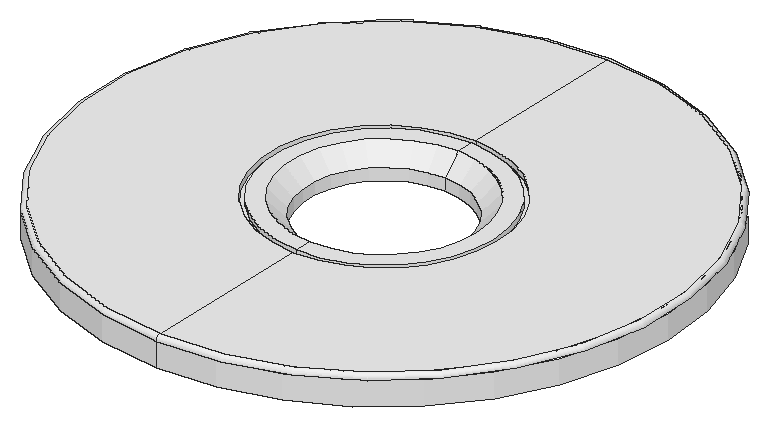
Revit family "Trim-Modern_Dots-Waterworks-Universal-Thermostatic_Valve", category Plumbing Fixtures, host Face, Revit 2014
Parameters (values of type "NOT A TYPE - Load Type Catalog")
  ‌Installation Requirements or Notes = "Valve rough-in and finished wall must be completed prior to diverter valve trim installation."  # constant formula
  Waste Connection = 1 = 0  # no
  Warranty = "http://www.waterworks.com/warranty"
  Version = "2014 - v1.0a"  # constant formula
  Vent Connection = 1 = 0  # no
  Two Way Diverter = if(Constraint = 1, 1 = 1, 1 = 0)  # yes
  Three Way Diverter = not(Two Way Diverter)  # no
  Support Phone = "(224) 699-9545"  # constant formula
  Support Email = "mailto:support@anguleris.com"
  Model SKU = if(and(Constraint = 1, ControlM = 1), "05-22928-42878", if(and(Constraint = 1, ControlM = 2), "05-36529-58078", if(and(Constraint = 1, ControlM = 3), "05-01338-41785", if(and(Constraint = 1, ControlM = 4), "05-19937-36672", if(and(Constraint = 1, ControlM = 5), "05-37655-42558", if(and(Constraint = 1, ControlM = 6), "05-09789-66498", if(and(Constraint = 1, ControlM = 7), "05-77762-57694", if(and(Constraint = 1, ControlM = 8), "05-06073-46610", if(and(Constraint = 1, ControlM = 9), "05-86456-21182", if(and(Constraint = 1, ControlM = 10), "05-69705-07265", if(and(Constraint = 1, ControlM = 11), "05-23391-97102", if(and(Constraint = 1, ControlM = 12), "05-39654-76002", if(and(Constraint = 1, ControlM = 13), "05-16015-99898", if(and(Constraint = 1, ControlM = 14), "05-23788-55453", if(and(Constraint = 1, ControlM = 15), "05-95064-94585", if(and(Constraint = 1, ControlM = 16), "05-02148-62719", if(and(Constraint = 2, ControlM = 1), "05-97624-32459", if(and(Constraint = 2, ControlM = 2), "05-24403-44214", if(and(Constraint = 2, ControlM = 3), "05-26782-24273", if(and(Constraint = 2, ControlM = 4), "05-42249-10130", if(and(Constraint = 2, ControlM = 5), "05-16267-54630", if(and(Constraint = 2, ControlM = 6), "05-61901-60749", if(and(Constraint = 2, ControlM = 7), "05-28288-44779", if(and(Constraint = 2, ControlM = 8), "05-28626-16723", if(and(Constraint = 2, ControlM = 9), "05-66451-82811", if(and(Constraint = 2, ControlM = 10), "05-37432-92778", if(and(Constraint = 2, ControlM = 11), "05-60743-83830", if(and(Constraint = 2, ControlM = 12), "05-32332-66926", if(and(Constraint = 2, ControlM = 13), "05-24296-38095", if(and(Constraint = 2, ControlM = 14), "05-04033-72635", if(and(Constraint = 2, ControlM = 15), "05-59559-48970", if(and(Constraint = 2, ControlM = 16), "05-36514-94431", "Not Available"))))))))))))))))))))))))))))))))  # "05-22928-42878"
  Manufacturer Email = "mailto:acallanan@waterworks.com"
  Length = Height  # 0' - 3 3/4"
  Keynote = "22 40 00"
  URL = "http://www.waterworks.com/"
  Product Page URL = "http://www.waterworks.com/universal-two-way-diverter-valve-trim-for-thermostatic-with-modern-dots-un2tm1"
  Product Name = if(and(Constraint = 1, ControlM = 1), "Universal Two Way Diverter Valve Trim for Thermostatic in Antique Brass", if(and(Constraint = 1, ControlM = 2), "Universal Two Way Diverter Valve Trim for Thermostatic in Antique Copper", if(and(Constraint = 1, ControlM = 3), "Universal Two Way Diverter Valve Trim for Thermostatic in Architectural Bronze", if(and(Constraint = 1, ControlM = 4), "Universal Two Way Diverter Valve Trim for Thermostatic in Burnished Brass", if(and(Constraint = 1, ControlM = 5), "Universal Two Way Diverter Valve Trim for Thermostatic in Burnished Nickel", if(and(Constraint = 1, ControlM = 6), "Universal Two Way Diverter Valve Trim for Thermostatic in Carbon", if(and(Constraint = 1, ControlM = 7), "Universal Two Way Diverter Valve Trim for Thermostatic in Chrome", if(and(Constraint = 1, ControlM = 8), "Universal Two Way Diverter Valve Trim for Thermostatic in Gold", if(and(Constraint = 1, ControlM = 9), "Universal Two Way Diverter Valve Trim for Thermostatic in Matte Gold", if(and(Constraint = 1, ControlM = 10), "Universal Two Way Diverter Valve Trim for Thermostatic in Matte Nickel", if(and(Constraint = 1, ControlM = 11), "Universal Two Way Diverter Valve Trim for Thermostatic in Nickel", if(and(Constraint = 1, ControlM = 12), "Universal Two Way Diverter Valve Trim for Thermostatic in Pewter", if(and(Constraint = 1, ControlM = 13), "Universal Two Way Diverter Valve Trim for Thermostatic in Shiny Copper", if(and(Constraint = 1, ControlM = 14), "Universal Two Way Diverter Valve Trim for Thermostatic in Sovereign", if(and(Constraint = 1, ControlM = 15), "Universal Two Way Diverter Valve Trim for Thermostatic in Unlacquered Brass", if(and(Constraint = 1, ControlM = 16), "Universal Two Way Diverter Valve Trim for Thermostatic in Vintage Brass", if(and(Constraint = 2, ControlM = 1), "Universal Three Way Diverter Valve Trim for Thermostatic in Antique Brass", if(and(Constraint = 2, ControlM = 2), "Universal Three Way Diverter Valve Trim for Thermostatic in Antique Copper", if(and(Constraint = 2, ControlM = 3), "Universal Three Way Diverter Valve Trim for Thermostatic in Architectural Bronze", if(and(Constraint = 2, ControlM = 4), "Universal Three Way Diverter Valve Trim for Thermostatic in Burnished Brass", if(and(Constraint = 2, ControlM = 5), "Universal Three Way Diverter Valve Trim for Thermostatic in Burnished Nickel", if(and(Constraint = 2, ControlM = 6), "Universal Three Way Diverter Valve Trim for Thermostatic in Carbon", if(and(Constraint = 2, ControlM = 7), "Universal Three Way Diverter Valve Trim for Thermostatic in Chrome", if(and(Constraint = 2, ControlM = 8), "Universal Three Way Diverter Valve Trim for Thermostatic in Gold", if(and(Constraint = 2, ControlM = 9), "Universal Three Way Diverter Valve Trim for Thermostatic in Matte Gold", if(and(Constraint = 2, ControlM = 10), "Universal Three Way Diverter Valve Trim for Thermostatic in Matte Nickel", if(and(Constraint = 2, ControlM = 11), "Universal Three Way Diverter Valve Trim for Thermostatic in Nickel", if(and(Constraint = 2, ControlM = 12), "Universal Three Way Diverter Valve Trim for Thermostatic in Pewter", if(and(Constraint = 2, ControlM = 13), "Universal Three Way Diverter Valve Trim for Thermostatic in Shiny Copper", if(and(Constraint = 2, ControlM = 14), "Universal Three Way Diverter Valve Trim for Thermostatic in Sovereign", if(and(Constraint = 2, ControlM = 15), "Universal Three Way Diverter Valve Trim for Thermostatic in Unlacquered Brass", if(and(Constraint = 2, ControlM = 16), "Universal Three Way Diverter Valve Trim for Thermostatic in Vintage Brass", "Not Available"))))))))))))))))))))))))))))))))  # "Universal Two Way Diverter Valve Trim for Thermostatic in Antique Brass"
  Product Documentation Link = "http://assets.waterworks.com/wasset/82/original/47282.pdf"
  Model = if(Constraint = 1, "UN2TM1", if(Constraint = 2, "UN3TM1", "Not Available"))  # "UN2TM1"
  Material = ""
  Manufacturer Phone Number = "(203)546-6201"  # constant formula
  Manufacturer Address = "60 Backus Avenue, Danbury, CT 06810"  # constant formula
  Manufacturer = "Waterworks"  # constant formula
  Height = 0' - 3 3/4"  # constant formula
  HW Connection = 1 = 0  # no
  Finish = Metal - Waterworks - Chrome
  Description = if(and(Constraint = 1, ControlM = 1), "Universal Two Way Diverter Valve Trim for Thermostatic in Antique Brass", if(and(Constraint = 1, ControlM = 2), "Universal Two Way Diverter Valve Trim for Thermostatic in Antique Copper", if(and(Constraint = 1, ControlM = 3), "Universal Two Way Diverter Valve Trim for Thermostatic in Architectural Bronze", if(and(Constraint = 1, ControlM = 4), "Universal Two Way Diverter Valve Trim for Thermostatic in Burnished Brass", if(and(Constraint = 1, ControlM = 5), "Universal Two Way Diverter Valve Trim for Thermostatic in Burnished Nickel", if(and(Constraint = 1, ControlM = 6), "Universal Two Way Diverter Valve Trim for Thermostatic in Carbon", if(and(Constraint = 1, ControlM = 7), "Universal Two Way Diverter Valve Trim for Thermostatic in Chrome", if(and(Constraint = 1, ControlM = 8), "Universal Two Way Diverter Valve Trim for Thermostatic in Gold", if(and(Constraint = 1, ControlM = 9), "Universal Two Way Diverter Valve Trim for Thermostatic in Matte Gold", if(and(Constraint = 1, ControlM = 10), "Universal Two Way Diverter Valve Trim for Thermostatic in Matte Nickel", if(and(Constraint = 1, ControlM = 11), "Universal Two Way Diverter Valve Trim for Thermostatic in Nickel", if(and(Constraint = 1, ControlM = 12), "Universal Two Way Diverter Valve Trim for Thermostatic in Pewter", if(and(Constraint = 1, ControlM = 13), "Universal Two Way Diverter Valve Trim for Thermostatic in Shiny Copper", if(and(Constraint = 1, ControlM = 14), "Universal Two Way Diverter Valve Trim for Thermostatic in Sovereign", if(and(Constraint = 1, ControlM = 15), "Universal Two Way Diverter Valve Trim for Thermostatic in Unlacquered Brass", if(and(Constraint = 1, ControlM = 16), "Universal Two Way Diverter Valve Trim for Thermostatic in Vintage Brass", if(and(Constraint = 2, ControlM = 1), "Universal Three Way Diverter Valve Trim for Thermostatic in Antique Brass", if(and(Constraint = 2, ControlM = 2), "Universal Three Way Diverter Valve Trim for Thermostatic in Antique Copper", if(and(Constraint = 2, ControlM = 3), "Universal Three Way Diverter Valve Trim for Thermostatic in Architectural Bronze", if(and(Constraint = 2, ControlM = 4), "Universal Three Way Diverter Valve Trim for Thermostatic in Burnished Brass", if(and(Constraint = 2, ControlM = 5), "Universal Three Way Diverter Valve Trim for Thermostatic in Burnished Nickel", if(and(Constraint = 2, ControlM = 6), "Universal Three Way Diverter Valve Trim for Thermostatic in Carbon", if(and(Constraint = 2, ControlM = 7), "Universal Three Way Diverter Valve Trim for Thermostatic in Chrome", if(and(Constraint = 2, ControlM = 8), "Universal Three Way Diverter Valve Trim for Thermostatic in Gold", if(and(Constraint = 2, ControlM = 9), "Universal Three Way Diverter Valve Trim for Thermostatic in Matte Gold", if(and(Constraint = 2, ControlM = 10), "Universal Three Way Diverter Valve Trim for Thermostatic in Matte Nickel", if(and(Constraint = 2, ControlM = 11), "Universal Three Way Diverter Valve Trim for Thermostatic in Nickel", if(and(Constraint = 2, ControlM = 12), "Universal Three Way Diverter Valve Trim for Thermostatic in Pewter", if(and(Constraint = 2, ControlM = 13), "Universal Three Way Diverter Valve Trim for Thermostatic in Shiny Copper", if(and(Constraint = 2, ControlM = 14), "Universal Three Way Diverter Valve Trim for Thermostatic in Sovereign", if(and(Constraint = 2, ControlM = 15), "Universal Three Way Diverter Valve Trim for Thermostatic in Unlacquered Brass", if(and(Constraint = 2, ControlM = 16), "Universal Three Way Diverter Valve Trim for Thermostatic in Vintage Brass", "Not Available"))))))))))))))))))))))))))))))))  # "Universal Two Way Diverter Valve Trim for Thermostatic in Antique Brass"
  Depth = 0' - 0 3/16"  # constant formula
  Default Elevation = 3' - 0"
  Copyright = "@2017 Waterworks Operating Company LLC. All rights reserved"  # constant formula
  ControlM = 1
  Constraint = 1
  CW Connection = 1 = 0  # no
  Assembly Code = "C1030200"
  ADA Compliant = 1 = 1  # yes
Reference planes (in)
  plane 1 "Center (Front/Back)": y = 0
  plane 2 "Back": z = 0
  plane 3 "Center (Left/Right)": x = 0
  plane 4 "Front": z = 0.1875
  plane 5: y = 1.875
  plane 6: y = -1.875
  plane 7: x = -1.875
  plane 8: x = 1.875
  plane 9: x = -0.5
  plane 10: x = 0.5
Forms (in)
  Revolve 1, solid, material "Metal - Waterworks - Chrome" <- "Finish"
    sketch origin (0, 0, 0) x (0, 1, 0) y (0, 0, 1)
      loop
        line (1.875, 0) -> (1.875, 0.15625)
        arc (1.875, 0.15625) -> (1.86585, 0.17835) -> (1.84375, 0.1875) r 0.03125
        line (1.84375, 0.1875) -> (0.75, 0.1875) -> (0.75, 0.15625) -> (0.71875, 0.15625) -> (0.71875, 0.1875) -> (0.60937, 0.1875) -> (0.5, 0.07812) -> (0.5, 0) -> (1.875, 0)
      axis (0, 0.1875) -> (0, 0)
    angle from 0 to 360
Lines and regions (in)
  Masking region 1
    outline origin (0, 1.1875, 3.625) x (0, 0, -1) y (-1, 0, 0)
      loop
        arc (3.4375, -1.84375) -> (3.44665, -1.86585) -> (3.46875, -1.875) r 0.03125
        line (3.46875, -1.875) -> (3.625, -1.875) -> (3.625, 1.875) -> (3.46875, 1.875)
        arc (3.46875, 1.875) -> (3.44665, 1.86585) -> (3.4375, 1.84375) r 0.03125
        line (3.4375, 1.84375) -> (3.4375, -1.84375)
  model lines, visible <- "Two Way Diverter"
    curve 1: circle (0, -1.56227, 0.1875) r 0.12477 normal (0, 0, 1)
    curve 2: circle (0, -1.56227, 0.1875) r 0.09352 normal (0, 0, 1)
    curve 3: circle (-1.59375, 0, 0.1875) r 0.03125 normal (0, 0, 1)
    curve 4: circle (1.59375, 0, 0.1875) r 0.03125 normal (0, 0, -1)
  model lines, visible <- "Three Way Diverter"
    curve 5: circle (0, 1.59375, 0.1875) r 0.03125 normal (0, 0, 1)
Dimensions and locks (in)
  "Depth": plane 4 "Front" to plane 2 "Back"
  equal spacing: plane 7, plane 3 "Center (Left/Right)", plane 8
  "Length": plane 7 to plane 8
  equal spacing: plane 6, plane 1 "Center (Front/Back)", plane 5
  "Height": plane 6 to plane 5
  Revolve 1 sketch curve to Revolve 1 sketch curve to Revolve 1 sketch curve to Revolve 1 sketch curve to plane 1 "Center (Front/Back)" = 0' - 0 1/32" locked, 0' - 0 7/64" locked, 0' - 0 7/64" locked, 0' - 0 1/2" locked
  locked: plane 5 to Revolve 1 sketch curve at 0.03125
  plane 4 "Front" to Revolve 1 sketch curve to Revolve 1 sketch curve = 0' - 0 1/32" locked, 0' - 0 5/64" locked
  plane 6 to curve 1 to curve 2 to curve 2 to curve 1 = 0' - 0.18796" locked, 0' - 0 1/32" locked, 0' - 0.09352" locked, 0' - 0" locked
  plane 7 to curve 3 to curve 3 = 0' - 0 1/4" locked, 0' - 0 1/32" locked
  curve 4 to curve 4 to plane 8 = 0' - 0 1/32" locked, 0' - 0 1/4" locked
  curve 5 to curve 5 to plane 5 = 0' - 0 1/32" locked, 0' - 0 1/4" locked
  locked: plane 8 to Masking region 1 sketch curve at 0.03125
  locked: Masking region 1 sketch curve to plane 7 at 0.03125
  Masking region 1 sketch curve to Masking region 1 sketch curve to plane 4 "Front" = 0' - 0" locked, 0' - 0 1/32" locked
  equal spacing: plane 9, plane 3 "Center (Left/Right)", plane 10, locked at 0.5 each
  aligned and locked: host face to plane 2 "Back"
  aligned and locked: level to host face
  aligned and locked: Revolve 1 sketch curve to plane 1 "Center (Front/Back)"
  aligned and locked: Revolve 1 sketch curve to plane 5
  aligned and locked: Revolve 1 sketch curve to plane 2 "Back"
  aligned and locked: plane 4 "Front" to Revolve 1 sketch curve
  aligned and locked: Revolve 1 sketch curve to plane 4 "Front"
  aligned and locked: plane 3 "Center (Left/Right)" to curve 2
  aligned and locked: plane 3 "Center (Left/Right)" to curve 1
  aligned and locked: plane 1 "Center (Front/Back)" to curve 3
  aligned and locked: plane 1 "Center (Front/Back)" to curve 4
  aligned and locked: Masking region 1 sketch curve to plane 8
  aligned and locked: plane 2 "Back" to Masking region 1 sketch curve
  aligned and locked: plane 7 to Masking region 1 sketch curve
  aligned and locked: Masking region 1 sketch curve to plane 4 "Front"
Automatic sketch dimensions
  host sketch curve to host sketch curve = 6' - 0"  (x2)
  Revolve 1 sketch curve to level = 1' - 0"
  plane 4 "Front" to Revolve 1 sketch curve = 0' - 11 13/16"
  curve 5 to plane 3 "Center (Left/Right)" = 0' - 0"
Types in the file's own list only (32): name | Two Way Diverter | Three Way Diverter | Model SKU | Product Page URL | Product Name | Product Documentation Link | Model | Finish | Description | ControlM | Constraint
  Two Way Diverter Antique Brass | Yes | No | "05-22928-42878" | "http://www.waterworks.com/universal-two-way-diverter-valve-trim-for-thermostatic-with-modern-dots-un2tm1" | "Universal Two Way Diverter Valve Trim for Thermostatic in Antique Brass" | "http://assets.waterworks.com/wasset/82/original/47282.pdf" | "UN2TM1" | Metal - Waterworks - Antique Brass | "Universal Two Way Diverter Valve Trim for Thermostatic in Antique Brass" | 1 | 1
  Two Way Diverter Antique Copper | Yes | No | "05-36529-58078" | "http://www.waterworks.com/universal-two-way-diverter-valve-trim-for-thermostatic-with-modern-dots-un2tm1" | "Universal Two Way Diverter Valve Trim for Thermostatic in Antique Copper" | "http://assets.waterworks.com/wasset/82/original/47282.pdf" | "UN2TM1" | Metal - Waterworks - Antique Copper | "Universal Two Way Diverter Valve Trim for Thermostatic in Antique Copper" | 2 | 1
  Two Way Diverter Architectural Bronze | Yes | No | "05-01338-41785" | "http://www.waterworks.com/universal-two-way-diverter-valve-trim-for-thermostatic-with-modern-dots-un2tm1" | "Universal Two Way Diverter Valve Trim for Thermostatic in Architectural Bronze" | "http://assets.waterworks.com/wasset/82/original/47282.pdf" | "UN2TM1" | Metal - Waterworks - Architectural Bronze | "Universal Two Way Diverter Valve Trim for Thermostatic in Architectural Bronze" | 3 | 1
  Two Way Diverter Burnished Brass | Yes | No | "05-19937-36672" | "http://www.waterworks.com/universal-two-way-diverter-valve-trim-for-thermostatic-with-modern-dots-un2tm1" | "Universal Two Way Diverter Valve Trim for Thermostatic in Burnished Brass" | "http://assets.waterworks.com/wasset/82/original/47282.pdf" | "UN2TM1" | Metal - Waterworks - Burnished Brass | "Universal Two Way Diverter Valve Trim for Thermostatic in Burnished Brass" | 4 | 1
  Two Way Diverter Burnished Nickel | Yes | No | "05-37655-42558" | "http://www.waterworks.com/universal-two-way-diverter-valve-trim-for-thermostatic-with-modern-dots-un2tm1" | "Universal Two Way Diverter Valve Trim for Thermostatic in Burnished Nickel" | "http://assets.waterworks.com/wasset/82/original/47282.pdf" | "UN2TM1" | Metal - Waterworks - Burnished Nickel | "Universal Two Way Diverter Valve Trim for Thermostatic in Burnished Nickel" | 5 | 1
  Two Way Diverter Carbon | Yes | No | "05-09789-66498" | "http://www.waterworks.com/universal-two-way-diverter-valve-trim-for-thermostatic-with-modern-dots-un2tm1" | "Universal Two Way Diverter Valve Trim for Thermostatic in Carbon" | "http://assets.waterworks.com/wasset/82/original/47282.pdf" | "UN2TM1" | Metal - Waterworks - Carbon | "Universal Two Way Diverter Valve Trim for Thermostatic in Carbon" | 6 | 1
  Two Way Diverter Chrome | Yes | No | "05-77762-57694" | "http://www.waterworks.com/universal-two-way-diverter-valve-trim-for-thermostatic-with-modern-dots-un2tm1" | "Universal Two Way Diverter Valve Trim for Thermostatic in Chrome" | "http://assets.waterworks.com/wasset/82/original/47282.pdf" | "UN2TM1" | Metal - Waterworks - Chrome | "Universal Two Way Diverter Valve Trim for Thermostatic in Chrome" | 7 | 1
  Two Way Diverter Gold | Yes | No | "05-06073-46610" | "http://www.waterworks.com/universal-two-way-diverter-valve-trim-for-thermostatic-with-modern-dots-un2tm1" | "Universal Two Way Diverter Valve Trim for Thermostatic in Gold" | "http://assets.waterworks.com/wasset/82/original/47282.pdf" | "UN2TM1" | Metal - Waterworks - Gold | "Universal Two Way Diverter Valve Trim for Thermostatic in Gold" | 8 | 1
  Two Way Diverter Matte Gold | Yes | No | "05-86456-21182" | "http://www.waterworks.com/universal-two-way-diverter-valve-trim-for-thermostatic-with-modern-dots-un2tm1" | "Universal Two Way Diverter Valve Trim for Thermostatic in Matte Gold" | "http://assets.waterworks.com/wasset/82/original/47282.pdf" | "UN2TM1" | Metal - Waterworks - Matte Gold | "Universal Two Way Diverter Valve Trim for Thermostatic in Matte Gold" | 9 | 1
  Two Way Diverter Matte Nickel | Yes | No | "05-69705-07265" | "http://www.waterworks.com/universal-two-way-diverter-valve-trim-for-thermostatic-with-modern-dots-un2tm1" | "Universal Two Way Diverter Valve Trim for Thermostatic in Matte Nickel" | "http://assets.waterworks.com/wasset/82/original/47282.pdf" | "UN2TM1" | Metal - Waterworks - Matte Nickel | "Universal Two Way Diverter Valve Trim for Thermostatic in Matte Nickel" | 10 | 1
  Two Way Diverter Nickel | Yes | No | "05-23391-97102" | "http://www.waterworks.com/universal-two-way-diverter-valve-trim-for-thermostatic-with-modern-dots-un2tm1" | "Universal Two Way Diverter Valve Trim for Thermostatic in Nickel" | "http://assets.waterworks.com/wasset/82/original/47282.pdf" | "UN2TM1" | Metal - Waterworks - Nickel | "Universal Two Way Diverter Valve Trim for Thermostatic in Nickel" | 11 | 1
  Two Way Diverter Pewter | Yes | No | "05-39654-76002" | "http://www.waterworks.com/universal-two-way-diverter-valve-trim-for-thermostatic-with-modern-dots-un2tm1" | "Universal Two Way Diverter Valve Trim for Thermostatic in Pewter" | "http://assets.waterworks.com/wasset/82/original/47282.pdf" | "UN2TM1" | Metal - Waterworks - Pewter | "Universal Two Way Diverter Valve Trim for Thermostatic in Pewter" | 12 | 1
  Two Way Diverter Shiny Copper | Yes | No | "05-16015-99898" | "http://www.waterworks.com/universal-two-way-diverter-valve-trim-for-thermostatic-with-modern-dots-un2tm1" | "Universal Two Way Diverter Valve Trim for Thermostatic in Shiny Copper" | "http://assets.waterworks.com/wasset/82/original/47282.pdf" | "UN2TM1" | Metal - Waterworks - Shiny Copper | "Universal Two Way Diverter Valve Trim for Thermostatic in Shiny Copper" | 13 | 1
  Two Way Diverter Sovereign | Yes | No | "05-23788-55453" | "http://www.waterworks.com/universal-two-way-diverter-valve-trim-for-thermostatic-with-modern-dots-un2tm1" | "Universal Two Way Diverter Valve Trim for Thermostatic in Sovereign" | "http://assets.waterworks.com/wasset/82/original/47282.pdf" | "UN2TM1" | Metal - Waterworks - Sovereign | "Universal Two Way Diverter Valve Trim for Thermostatic in Sovereign" | 14 | 1
  Two Way Diverter Unlacquered Brass | Yes | No | "05-95064-94585" | "http://www.waterworks.com/universal-two-way-diverter-valve-trim-for-thermostatic-with-modern-dots-un2tm1" | "Universal Two Way Diverter Valve Trim for Thermostatic in Unlacquered Brass" | "http://assets.waterworks.com/wasset/82/original/47282.pdf" | "UN2TM1" | Metal - Waterworks - Unlacquered Brass | "Universal Two Way Diverter Valve Trim for Thermostatic in Unlacquered Brass" | 15 | 1
  Two Way Diverter Vintage Brass | Yes | No | "05-02148-62719" | "http://www.waterworks.com/universal-two-way-diverter-valve-trim-for-thermostatic-with-modern-dots-un2tm1" | "Universal Two Way Diverter Valve Trim for Thermostatic in Vintage Brass" | "http://assets.waterworks.com/wasset/82/original/47282.pdf" | "UN2TM1" | Metal - Waterworks - Vintage Brass | "Universal Two Way Diverter Valve Trim for Thermostatic in Vintage Brass" | 16 | 1
  Three Way Diverter Antique Brass | No | Yes | "05-97624-32459" | "http://www.waterworks.com/universal-three-way-diverter-valve-trim-for-thermostatic-with-modern-dots-un3tm1" | "Universal Three Way Diverter Valve Trim for Thermostatic in Antique Brass" | "http://assets.waterworks.com/wasset/74/original/47274.pdf" | "UN3TM1" | Metal - Waterworks - Antique Brass | "Universal Three Way Diverter Valve Trim for Thermostatic in Antique Brass" | 1 | 2
  Three Way Diverter Antique Copper | No | Yes | "05-24403-44214" | "http://www.waterworks.com/universal-three-way-diverter-valve-trim-for-thermostatic-with-modern-dots-un3tm1" | "Universal Three Way Diverter Valve Trim for Thermostatic in Antique Copper" | "http://assets.waterworks.com/wasset/74/original/47274.pdf" | "UN3TM1" | Metal - Waterworks - Antique Copper | "Universal Three Way Diverter Valve Trim for Thermostatic in Antique Copper" | 2 | 2
  Three Way Diverter Architectural Bronze | No | Yes | "05-26782-24273" | "http://www.waterworks.com/universal-three-way-diverter-valve-trim-for-thermostatic-with-modern-dots-un3tm1" | "Universal Three Way Diverter Valve Trim for Thermostatic in Architectural Bronze" | "http://assets.waterworks.com/wasset/74/original/47274.pdf" | "UN3TM1" | Metal - Waterworks - Architectural Bronze | "Universal Three Way Diverter Valve Trim for Thermostatic in Architectural Bronze" | 3 | 2
  Three Way Diverter Burnished Brass | No | Yes | "05-42249-10130" | "http://www.waterworks.com/universal-three-way-diverter-valve-trim-for-thermostatic-with-modern-dots-un3tm1" | "Universal Three Way Diverter Valve Trim for Thermostatic in Burnished Brass" | "http://assets.waterworks.com/wasset/74/original/47274.pdf" | "UN3TM1" | Metal - Waterworks - Burnished Brass | "Universal Three Way Diverter Valve Trim for Thermostatic in Burnished Brass" | 4 | 2
  Three Way Diverter Burnished Nickel | No | Yes | "05-16267-54630" | "http://www.waterworks.com/universal-three-way-diverter-valve-trim-for-thermostatic-with-modern-dots-un3tm1" | "Universal Three Way Diverter Valve Trim for Thermostatic in Burnished Nickel" | "http://assets.waterworks.com/wasset/74/original/47274.pdf" | "UN3TM1" | Metal - Waterworks - Burnished Nickel | "Universal Three Way Diverter Valve Trim for Thermostatic in Burnished Nickel" | 5 | 2
  Three Way Diverter Carbon | No | Yes | "05-61901-60749" | "http://www.waterworks.com/universal-three-way-diverter-valve-trim-for-thermostatic-with-modern-dots-un3tm1" | "Universal Three Way Diverter Valve Trim for Thermostatic in Carbon" | "http://assets.waterworks.com/wasset/74/original/47274.pdf" | "UN3TM1" | Metal - Waterworks - Carbon | "Universal Three Way Diverter Valve Trim for Thermostatic in Carbon" | 6 | 2
  Three Way Diverter Chrome | No | Yes | "05-28288-44779" | "http://www.waterworks.com/universal-three-way-diverter-valve-trim-for-thermostatic-with-modern-dots-un3tm1" | "Universal Three Way Diverter Valve Trim for Thermostatic in Chrome" | "http://assets.waterworks.com/wasset/74/original/47274.pdf" | "UN3TM1" | Metal - Waterworks - Chrome | "Universal Three Way Diverter Valve Trim for Thermostatic in Chrome" | 7 | 2
  Three Way Diverter Gold | No | Yes | "05-28626-16723" | "http://www.waterworks.com/universal-three-way-diverter-valve-trim-for-thermostatic-with-modern-dots-un3tm1" | "Universal Three Way Diverter Valve Trim for Thermostatic in Gold" | "http://assets.waterworks.com/wasset/74/original/47274.pdf" | "UN3TM1" | Metal - Waterworks - Gold | "Universal Three Way Diverter Valve Trim for Thermostatic in Gold" | 8 | 2
  Three Way Diverter Matte Gold | No | Yes | "05-66451-82811" | "http://www.waterworks.com/universal-three-way-diverter-valve-trim-for-thermostatic-with-modern-dots-un3tm1" | "Universal Three Way Diverter Valve Trim for Thermostatic in Matte Gold" | "http://assets.waterworks.com/wasset/74/original/47274.pdf" | "UN3TM1" | Metal - Waterworks - Matte Gold | "Universal Three Way Diverter Valve Trim for Thermostatic in Matte Gold" | 9 | 2
  Three Way Diverter Matte Nickel | No | Yes | "05-37432-92778" | "http://www.waterworks.com/universal-three-way-diverter-valve-trim-for-thermostatic-with-modern-dots-un3tm1" | "Universal Three Way Diverter Valve Trim for Thermostatic in Matte Nickel" | "http://assets.waterworks.com/wasset/74/original/47274.pdf" | "UN3TM1" | Metal - Waterworks - Matte Nickel | "Universal Three Way Diverter Valve Trim for Thermostatic in Matte Nickel" | 10 | 2
  Three Way Diverter Nickel | No | Yes | "05-60743-83830" | "http://www.waterworks.com/universal-three-way-diverter-valve-trim-for-thermostatic-with-modern-dots-un3tm1" | "Universal Three Way Diverter Valve Trim for Thermostatic in Nickel" | "http://assets.waterworks.com/wasset/74/original/47274.pdf" | "UN3TM1" | Metal - Waterworks - Nickel | "Universal Three Way Diverter Valve Trim for Thermostatic in Nickel" | 11 | 2
  Three Way Diverter Pewter | No | Yes | "05-32332-66926" | "http://www.waterworks.com/universal-three-way-diverter-valve-trim-for-thermostatic-with-modern-dots-un3tm1" | "Universal Three Way Diverter Valve Trim for Thermostatic in Pewter" | "http://assets.waterworks.com/wasset/74/original/47274.pdf" | "UN3TM1" | Metal - Waterworks - Pewter | "Universal Three Way Diverter Valve Trim for Thermostatic in Pewter" | 12 | 2
  Three Way Diverter Shiny Copper | No | Yes | "05-24296-38095" | "http://www.waterworks.com/universal-three-way-diverter-valve-trim-for-thermostatic-with-modern-dots-un3tm1" | "Universal Three Way Diverter Valve Trim for Thermostatic in Shiny Copper" | "http://assets.waterworks.com/wasset/74/original/47274.pdf" | "UN3TM1" | Metal - Waterworks - Shiny Copper | "Universal Three Way Diverter Valve Trim for Thermostatic in Shiny Copper" | 13 | 2
  Three Way Diverter Sovereign | No | Yes | "05-04033-72635" | "http://www.waterworks.com/universal-three-way-diverter-valve-trim-for-thermostatic-with-modern-dots-un3tm1" | "Universal Three Way Diverter Valve Trim for Thermostatic in Sovereign" | "http://assets.waterworks.com/wasset/74/original/47274.pdf" | "UN3TM1" | Metal - Waterworks - Sovereign | "Universal Three Way Diverter Valve Trim for Thermostatic in Sovereign" | 14 | 2
  Three Way Diverter Unlacquered Brass | No | Yes | "05-59559-48970" | "http://www.waterworks.com/universal-three-way-diverter-valve-trim-for-thermostatic-with-modern-dots-un3tm1" | "Universal Three Way Diverter Valve Trim for Thermostatic in Unlacquered Brass" | "http://assets.waterworks.com/wasset/74/original/47274.pdf" | "UN3TM1" | Metal - Waterworks - Unlacquered Brass | "Universal Three Way Diverter Valve Trim for Thermostatic in Unlacquered Brass" | 15 | 2
  Three Way Diverter Vintage Brass | No | Yes | "05-36514-94431" | "http://www.waterworks.com/universal-three-way-diverter-valve-trim-for-thermostatic-with-modern-dots-un3tm1" | "Universal Three Way Diverter Valve Trim for Thermostatic in Vintage Brass" | "http://assets.waterworks.com/wasset/74/original/47274.pdf" | "UN3TM1" | Metal - Waterworks - Vintage Brass | "Universal Three Way Diverter Valve Trim for Thermostatic in Vintage Brass" | 16 | 2
